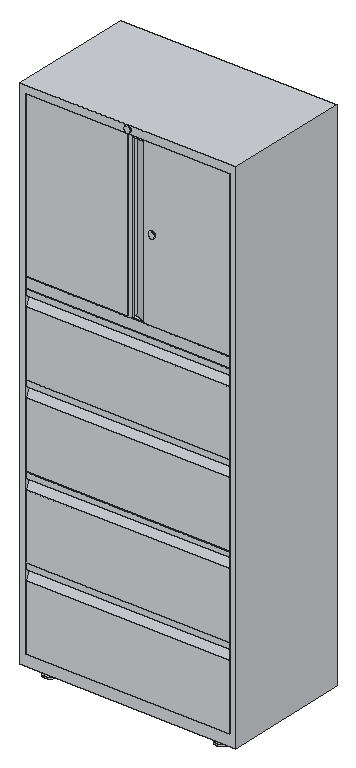
Revit family
Parameters (values of type "08C60WT.4H")
  Width = 800 mm
  Tie Bar = Width - 40 mm  # 760 mm
  Manufacturer = ""
  Height = 1960 mm
  Flipper Width = Width - 40 mm  # 760 mm
  Drawer Width = Width - 40 mm  # 760 mm
  Doors Width = Width - 40 mm  # 760 mm
  Colour [instance] = ""
  Carbon Footprint = 0
Types (3, lengths in mm): name | Width | Tie Bar | Flipper Width | Drawer Width | Doors Width
  (no name) | 800 | 760 | 760 | 760 | 760
  08C60WT.4H | 800 | 760 | 760 | 760 | 760
  10C60WT.4H | 1000 | 960 | 960 | 960 | 960
Reference planes
  plane 1 "Center (Front/Back)": y = 0
  plane 2: z = -0.029
  plane 3 "Center (Left/Right)": x = 0
  plane 4: y = 235
  plane 5: y = -235
  plane 6: x = -400
  plane 7: x = 400
  plane 8: z = 1959.971
  plane 9: z = 3.971
  plane 10: z = 24.971
  plane 11: z = 64.971
  plane 12: z = 1929.971
  plane 13: x = -380
  plane 14: x = 380
  plane 15: x = -320
  plane 16: x = 320
  plane 17: y = -195
  plane 18: y = 195
  plane 19: y = 233
  plane 20: y = -215
  plane 21: y = -237
  plane 22: z = 1945
  plane 23: z = 1928.971
  plane 24: z = 1321.971
  plane 25: z = 1320.971
Forms (mm)
  Extrusion 1, solid
    sketch origin (0, 0, 0) x (1, 0, 0) y (0, 0, 1)
      loop
        line (-400, 1959.971) -> (-400, 24.971) -> (400, 24.971) -> (400, 1959.971) -> (-400, 1959.971)
      loop
        line (-380, 1929.971) -> (-380, 64.971) -> (380, 64.971) -> (380, 1929.971) -> (-380, 1929.971)
    from -235 to 235
  Extrusion 2, solid
    sketch origin (0, 0, 0) x (1, 0, 0) y (0, 0, 1)
      loop
        line (-380, 1929.971) -> (-380, 64.971) -> (380, 64.971) -> (380, 1929.971) -> (-380, 1929.971)
    from -235 to -233
  Extrusion 3, solid
    sketch origin (0, 0, 0) x (1, 0, 0) y (0, 1, 0)
      loop
        circle (-320, 195) r 25
      loop
        circle (320, 195) r 25
      loop
        circle (320, -195) r 25
      loop
        circle (-320, -195) r 25
    from 0 to 3.971
  Extrusion 4, solid
    sketch origin (0, 0, 0) x (1, 0, 0) y (0, 1, 0)
      loop
        circle (-320, 195) r 5
      loop
        circle (320, 195) r 5
      loop
        circle (320, -195) r 5
      loop
        circle (-320, -195) r 5
    from 4 to 25
  Extrusion 5, solid
    sketch origin (0, 0, 0) x (1, 0, 0) y (0, 0, 1)
      loop
        circle (0, 1945) r 11.963
    from 235 to 237
Dimensions and locks
  plane 4 to plane 1 "Center (Front/Back)" to plane 5 = 235 mm locked, 235 mm locked
  equal spacing: plane 6, plane 3 "Center (Left/Right)", plane 7
  "Width": plane 6 to plane 7
  locked: plane 9 to plane 2 at 4
  locked: plane 10 to plane 9 at 21
  locked: plane 11 to plane 10 at 40
  locked: plane 8 to plane 12 at 30
  "Height": plane 8 to plane 2
  locked: plane 13 to plane 6 at 20
  locked: plane 7 to plane 14 at 20
  locked: plane 4 to plane 18 at 40
  locked: plane 17 to plane 5 at 40
  locked: plane 16 to plane 14 at 60
  locked: plane 13 to plane 15 at 60
  locked: plane 4 to plane 19 at 2
  locked: plane 20 to plane 5 at 20
  locked: plane 5 to plane 21 at 2
  plane 8 to plane 22 to plane 12 = 14.971 mm, 15.029 mm
  locked: nested 1 to plane 11 at 1
  locked: nested 1 to plane 13 at 1
  locked: plane 14 to nested 1 at 1
  equal spacing: group 1, group 2, group 3, group 4  (x3)
  locked: plane 12 to plane 23 at 1
  locked: plane 24 to plane 25 at 1
  radius of Extrusion 3 sketch curve = 25 mm
  aligned: level to plane 2
  aligned and locked: Extrusion 1 sketch curve to plane 8
  aligned and locked: plane 6 to Extrusion 1 sketch curve
  aligned and locked: plane 10 to Extrusion 1 sketch curve
  aligned and locked: Extrusion 1 sketch curve to plane 7
  aligned and locked: Extrusion 1 sketch curve to plane 12
  aligned and locked: plane 13 to Extrusion 1 sketch curve
  aligned and locked: plane 11 to Extrusion 1 sketch curve
  aligned and locked: Extrusion 1 sketch curve to plane 14
  aligned and locked: plane 4 to Extrusion 1
  aligned and locked: Extrusion 1 to plane 5
  aligned and locked: Extrusion 2 sketch curve to Extrusion 1  (x4)
  aligned and locked: Extrusion 2 to plane 19
  aligned and locked: plane 9 to Extrusion 3
  aligned and locked: Extrusion 5 to plane 21
  aligned and locked: plane 5 to Extrusion 5
  aligned and locked: plane 23 to nested 5
  aligned and locked: plane 25 to nested 4
Automatic sketch dimensions
  Extrusion 3 sketch curve to plane 15 = 0 mm  (x2)
  Extrusion 3 sketch curve to plane 16 = 0 mm  (x2)
  Extrusion 3 sketch curve to plane 17 = 0 mm  (x2)
  Extrusion 3 sketch curve to plane 18 = 0 mm  (x2)
  Extrusion 4 sketch curve to plane 15 = 0 mm  (x2)
  Extrusion 4 sketch curve to plane 16 = 0 mm  (x2)
  Extrusion 4 sketch curve to plane 17 = 0 mm  (x2)
  Extrusion 4 sketch curve to plane 18 = 0 mm  (x2)
  Extrusion 5 sketch curve to plane 3 "Center (Left/Right)" = 0 mm
  Extrusion 5 sketch curve to plane 22 = 0 mm
  radius of Extrusion 3 sketch curve = 25 mm  (x3)
  radius of Extrusion 4 sketch curve = 5 mm  (x4)
  radius of Extrusion 5 sketch curve = 11.963 mm
Nested families
  nested 1: "12 Inch Drawer" at (0, -225, 64.971), type "12 Inch Drawer"
  nested 2: "12 Inch Drawer" at (0, -225, 368.986), type "12 Inch Drawer"
  nested 3: "12 Inch Drawer" at (0, -225, 673), type "12 Inch Drawer"
  nested 4: "Tie Bar" at (0, -1, 1282.971), type "Tie Bar"
  nested 5: "BLF Doors" at (0, -225, 1320.971), type "BLF Doors"
    with Doors Height 609 mm
  nested 6: "12 Inch Drawer" at (0, -225, 977.014), type "12 Inch Drawer"
Definition of nested family "12 Inch Drawer"
  Parameters (values of type "12 Inch Drawer")
    Drawer Width = 760 mm
    Drawer Height = 305 mm
  Reference planes
    plane 1 "Center (Front/Back)": y = 0
    plane 2: z = 0
    plane 3 "Center (Left/Right)": x = 0
    plane 4: x = -380
    plane 5: x = 380
    plane 6: x = -379
    plane 7: x = 379
    plane 8: y = 10
    plane 9: y = -10
    plane 10: z = 305
    plane 11: z = 304
    plane 12: z = 1
    plane 13: x = -378
    plane 14: x = 378
    plane 15: z = 303
    plane 16: z = 284
    plane 17: z = 244
    plane 18: y = -9
    plane 19: y = 9
  Forms (mm)
    Extrusion 1, solid
      sketch origin (0, 0, 0) x (1, 0, 0) y (0, 0, 1)
        loop
          line (-379, 1) -> (379, 1) -> (379, 304) -> (-379, 304) -> (-379, 1)
      from -10 to 10
    Extrusion 2, void
      sketch origin (0, 0, 0) x (0, 1, 0) y (0, 0, 1)
        loop
          line (-10, 284) -> (-10, 244) -> (9, 284) -> (9, 303) -> (-9, 303) -> (-9, 284) -> (-10, 284)
      from -378 to 378
  Cuts and joins
    Extrusion 2 cuts Extrusion 1
  Dimensions and locks
    "Drawer Width": plane 4 to plane 5
    equal spacing: plane 4, plane 3 "Center (Left/Right)", plane 5
    locked: plane 4 to plane 6 at 1
    locked: plane 7 to plane 5 at 1
    locked: plane 8 to plane 9 at 20
    equal spacing: plane 8, plane 1 "Center (Front/Back)", plane 9
    "Drawer Height": plane 10 to level
    locked: plane 10 to plane 11 at 1
    locked: plane 12 to level at 1
    locked: Extrusion 1 to plane 14 at 1
    locked: Extrusion 1 to plane 13 at 1
    locked: plane 11 to plane 15 at 1
    locked: plane 15 to plane 16 at 19
    locked: plane 16 to plane 17 at 40
    locked: plane 9 to plane 18 at 1
    locked: plane 19 to plane 8 at 1
    plane 10 to plane 11 to plane 15 to plane 16 to plane 17 to plane 12 = 1 mm, 1 mm, 19 mm, 40 mm, 243 mm
    locked: plane 6 to plane 13 at 1
    locked: plane 14 to plane 7 at 1
    aligned and locked: level to plane 2
    aligned and locked: plane 7 to Extrusion 1
    aligned and locked: plane 11 to Extrusion 1
    aligned and locked: Extrusion 1 to plane 6
    aligned and locked: Extrusion 1 to plane 12
    aligned and locked: Extrusion 1 to plane 9
    aligned and locked: plane 8 to Extrusion 1
    aligned and locked: plane 15 to Extrusion 2
    aligned and locked: plane 19 to Extrusion 2
    aligned and locked: Extrusion 2 to plane 9
    aligned and locked: plane 16 to Extrusion 2
    aligned and locked: Extrusion 2 to plane 13
    aligned and locked: plane 14 to Extrusion 2
  Automatic sketch dimensions
    Extrusion 1 sketch curve to plane 6 = 0 mm
    Extrusion 1 sketch curve to plane 7 = 0 mm
    Extrusion 1 sketch curve to plane 12 = 0 mm
    Extrusion 1 sketch curve to plane 11 = 0 mm
    Extrusion 2 sketch curve to plane 9 = 0 mm
    Extrusion 2 sketch curve to plane 18 = 0 mm
    Extrusion 2 sketch curve to plane 16 = 0 mm  (x2)
    Extrusion 2 sketch curve to plane 19 = 0 mm
    Extrusion 2 sketch curve to plane 17 = 0 mm
    Extrusion 2 sketch curve to plane 15 = 0 mm
Definition of nested family "Tie Bar"
  Parameters (values of type "Tie Bar")
    Tie Bar Width = 760 mm
  Reference planes
    plane 1 "Center (Front/Back)": y = 0
    plane 2: z = 0
    plane 3 "Center (Left/Right)": x = 0
    plane 4: x = -380
    plane 5: x = 380
    plane 6: y = 234
    plane 7: y = -234
    plane 8: z = 38
    plane 9: x = -379
    plane 10: x = 379
  Forms (mm)
    Extrusion 1, solid
      sketch origin (0, 0, 0) x (1, 0, 0) y (0, 1, 0)
        loop
          line (-379, -234) -> (379, -234) -> (379, 234) -> (-379, 234) -> (-379, -234)
      from 0 to 38
  Dimensions and locks
    equal spacing: plane 4, plane 3 "Center (Left/Right)", plane 5
    "Tie Bar Width": plane 4 to plane 5
    locked: plane 8 to plane 2 at 38
    plane 6 to plane 7 = 468 mm
    equal spacing: plane 6, plane 1 "Center (Front/Back)", plane 7
    locked: plane 4 to plane 9 at 1
    locked: plane 10 to plane 5 at 1
    aligned and locked: level to plane 2
    aligned and locked: Extrusion 1 sketch curve to plane 7
    aligned and locked: Extrusion 1 sketch curve to plane 9
    aligned and locked: plane 6 to Extrusion 1 sketch curve
    aligned and locked: plane 10 to Extrusion 1 sketch curve
    aligned and locked: Extrusion 1 to level
    aligned and locked: plane 8 to Extrusion 1
Definition of nested family "BLF Doors"
  Parameters (values of type "BLF Doors")
    Doors Width = 760 mm
    Doors Height = 610 mm
  Reference planes
    plane 1 "Center (Front/Back)": y = 0
    plane 2: z = 0
    plane 3 "Center (Left/Right)": x = 0
    plane 4: x = -380
    plane 5: x = 380
    plane 6: y = 10
    plane 7: y = -10
    plane 8: x = -379
    plane 9: x = 379
    plane 10: z = 610
    plane 11: x = -378
    plane 12: x = 378
    plane 13: z = 609
    plane 14: z = 1
    plane 15: x = -0.5
    plane 16: x = 0.5
    plane 17: x = 1.5
    plane 18: x = 20.5
    plane 19: x = 60.5
    plane 20: y = 9
    plane 21: y = -9
    plane 22: z = 608
    plane 23: z = 2
    plane 24: z = 305
    plane 25: x = 90.5
    plane 26: y = -12
  Forms (mm)
    Extrusion 1, solid
      sketch origin (0, 0, 0) x (1, 0, 0) y (0, 0, 1)
        loop
          line (-379, 609) -> (-379, 1) -> (-0.5, 1) -> (-0.5, 609) -> (-379, 609)
        loop
          line (0.5, 609) -> (0.5, 1) -> (379, 1) -> (379, 609) -> (0.5, 609)
      from -10 to 10
    Extrusion 2, void
      sketch origin (0, 0, 0) x (1, 0, 0) y (0, 1, 0)
        loop
          line (20.5, -10) -> (60.5, -10) -> (20.5, 9) -> (1.5, 9) -> (1.5, -9) -> (20.5, -9) -> (20.5, -10)
      from 2 to 608
    Extrusion 3, solid
      sketch origin (0, 0, 0) x (1, 0, 0) y (0, 0, 1)
        loop
          circle (90.5, 305) r 12
      from 10 to 12
  Cuts and joins
    Extrusion 2 cuts Extrusion 1
  Dimensions and locks
    "Doors Width": plane 4 to plane 5
    equal spacing: plane 4, plane 3 "Center (Left/Right)", plane 5
    locked: plane 6 to plane 7 at 20
    locked: plane 4 to plane 8 at 1
    locked: plane 9 to plane 5 at 1
    equal spacing: plane 6, plane 1 "Center (Front/Back)", plane 7
    locked: plane 14 to plane 2 at 1
    locked: plane 11 to plane 8 at 1
    locked: plane 9 to plane 12 at 1
    locked: plane 10 to plane 13 at 1
    "Doors Height": plane 10 to plane 2
    plane 16 to plane 3 "Center (Left/Right)" to plane 15 = 0.5 mm locked, 0.5 mm locked
    locked: plane 13 to plane 22 at 1
    locked: plane 23 to plane 14 at 1
    equal spacing: plane 10, plane 24, plane 2
    locked: plane 25 to plane 19 at 30
    locked: plane 7 to plane 26 at 2
    aligned and locked: level to plane 2
    aligned and locked: Extrusion 1 sketch curve to plane 13  (x2)
    aligned and locked: plane 14 to Extrusion 1 sketch curve  (x2)
    aligned and locked: Extrusion 1 sketch curve to plane 15
    aligned and locked: Extrusion 1 sketch curve to plane 16
    aligned and locked: Extrusion 1 sketch curve to plane 9
    aligned and locked: Extrusion 1 to plane 7
    aligned and locked: plane 6 to Extrusion 1
    aligned and locked: plane 20 to Extrusion 2
    aligned and locked: Extrusion 2 to plane 17
    aligned and locked: Extrusion 2 to plane 21
    aligned and locked: plane 18 to Extrusion 2
    aligned and locked: Extrusion 2 to plane 7
    aligned and locked: Extrusion 2 to plane 23
    aligned and locked: plane 22 to Extrusion 2
    aligned and locked: Extrusion 3 to plane 26
    aligned and locked: plane 7 to Extrusion 3
  Automatic sketch dimensions
    Extrusion 1 sketch curve to plane 8 = 0 mm
    Extrusion 1 sketch curve to plane 14 = 0 mm
    Extrusion 2 sketch curve to plane 17 = 0 mm
    Extrusion 2 sketch curve to plane 18 = 0 mm  (x2)
    Extrusion 2 sketch curve to plane 19 = 0 mm
    Extrusion 2 sketch curve to plane 7 = 0 mm
    Extrusion 2 sketch curve to plane 21 = 0 mm
    Extrusion 2 sketch curve to plane 20 = 0 mm
    Extrusion 3 sketch curve to plane 24 = 0 mm
    Extrusion 3 sketch curve to plane 25 = 0 mm
    radius of Extrusion 3 sketch curve = 12 mm
